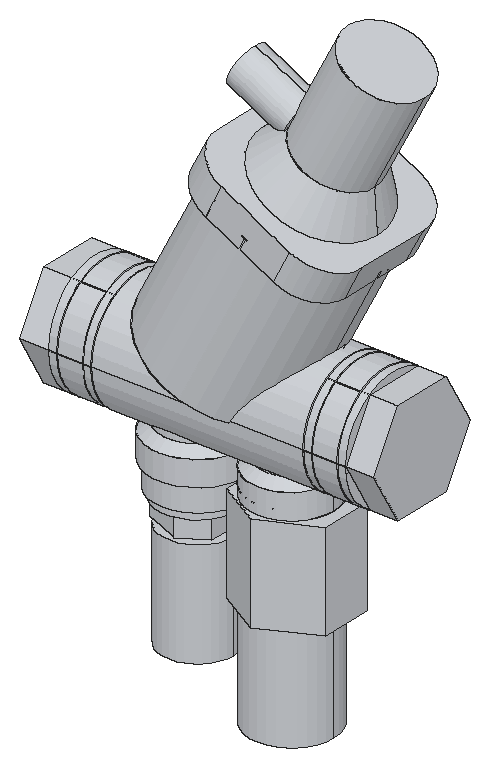
Revit family "PV_Compact_DN025_ 5-30_FF_měř-vyp_RFA_2019", category Pipe Accessories, Revit 2019
Family settings
  Round Connector Dimension = Use Diameter
  Part Type = Valve - Breaks Into
  Work Plane-Based = No
  Always vertical = Yes
  Cut with Voids When Loaded = No
  Shared = No
Parameters (values of type "PV Compact DN25 FF s měřením a vypouštěním ( 5-30kPa)")
  magiProductId = "40b783a088714ff8af367f7ba18a04"
  magiProductFamilyId = "88c57951ecb64b5d83dd1d4eb8fc72"
  magiPartTypeId = 304
  isMeasuringValve [instance] = no
  ang2D [instance] = 0.00°
  Z7 = 15 mm
  Z6 = 25.5 mm
  Z5 = 59.5 mm
  Z4 = 51 mm
  Z3 = 8.5 mm
  Z2 = 42.5 mm
  XR3 = 30 mm
  XR2 = 25 mm
  XR1 = 13 mm
  W2D = 15 mm
  VersionID = "2.0/2018.12.13.2/FRESE_PV_COMPACT_PLUG_Q13_001"
  Use Minimum Symbol Size [instance] = no
  URL = "www.hydronic.cz"
  Type Comments = "závitový s vnitřním závitem; s měřicí vsuvkou a vypouštěním; PN25; dpmax=450kPa; -10~+120°C"
  R5 = 5 mm
  R4 = 15 mm
  R3 = 10 mm
  R2 = 14 mm
  R1 = 19 mm
  QmdConnectorList = "301;D;302;D"
  Productdata [instance] = ""
  PH__ve = -PH  # -22.8 mm
  PH = 22.8 mm
  NL__ve = -NL  # -16.6 mm
  NL = 16.6 mm
  Manufacturer = "Hydronic Systems Prague s.r.o."
  MC Use Limits From Balancing Method = no
  MC Throttling Minimum Value = 0
  MC Throttling Maximum Value = 0
  MC Product Code = "53-3251 DN25; FF; nastavitelný rozsah dp=5~30kPa; Q=600~2100l/h;  kvs=4,0"
  MC Pressure Drop Minimum Value = 0.0 Pa
  MC Pressure Drop Maximum Value = 0.0 Pa
  MC Piping Given Pressure Drop [instance] = 0.0 Pa
  M5 = 34.9 mm
  M4 = 32.9 mm
  M3 = 26.9 mm
  M2 = 24.9 mm
  LP = 41.5 mm
  LM = 49.8 mm
  LL__ve = -LL  # -5.9 mm
  LLT__ve = -LLT  # -16.3 mm
  LLT = 16.3 mm
  LL2 = 34 mm
  LL = 5.9 mm
  L3 = 11 mm
  L2D_Min = 30.48 mm
  L2D = 65 mm
  Description = "Nastavitelný regulátor tlakové diference"
  DR1 = yes
  DR0 = no
  DL2 = 68 mm
  D = 25 mm
  CenSd_R2_6 = R2 * cos(30.00°)  # 12.124 mm
  CAT0 = yes
  C0D1 = yes
  C0D0 = no
Types (10, lengths in mm): name | magiProductId | Z6 | Z5 | Z4 | Z3 | Z2 | XR3 | XR2 | XR1 | R2 | R1 | PH__ve | PH | NL__ve | NL | MC Product Code | M5 | M4 | M3 | M2 | LP | LM | LL__ve | LLT__ve | LLT | LL2 | LL | L3 | DL2 | D | CenSd_R2_6
  PV Compact DN15 FF s měřením a vypouštěním (20-60kPa) | "ebd4dd38c61a47e78db1b31e427098" | 24.6 | 57.4 | 49.2 | 8.2 | 41 | 30 | 25 | 13 | 14 | 19 | -22.4 | 22.4 | -15 | 15 | "53-3243 DN15; FF; nastavitelný rozsah dp=20~60kPa; Q=100~1000l/h;  kvs=2,9" | 32.5 | 30.5 | 24.5 | 22.5 | 37.5 | 45 | -5.7 | -14.9 | 14.9 | 32 | 5.7 | 11 | 66 | 15 | 12.124
  PV Compact DN15 FF s měřením a vypouštěním ( 5-30kPa) | "1e13aaf8f1b54965adca1ab26bd771" | 24.6 | 57.4 | 49.2 | 8.2 | 41 | 30 | 25 | 13 | 14 | 19 | -22.4 | 22.4 | -15 | 15 | "53-3242 DN15; FF; nastavitelný rozsah dp=5~30kPa; Q=50~600l/h;  kvs=2,9" | 32.5 | 30.5 | 24.5 | 22.5 | 37.5 | 45 | -5.7 | -14.9 | 14.9 | 32 | 5.7 | 11 | 66 | 15 | 12.124
  PV Compact DN20 FF s měřením a vypouštěním (20-60kPa) | "6d4e29c475624129ae1d8630218e83" | 24.6 | 57.4 | 49.2 | 8.2 | 41 | 30 | 25 | 13 | 14 | 19 | -22.4 | 22.4 | -15.8 | 15.8 | "53-3245 DN20; FF; nastavitelný rozsah dp=20~60kPa; Q=150~2000l/h;  kvs=3,5" | 33.7 | 31.7 | 25.7 | 23.7 | 39.5 | 47.4 | -5.7 | -14.9 | 14.9 | 32 | 5.7 | 11 | 66 | 20 | 12.124
  PV Compact DN20 FF s měřením a vypouštěním ( 5-30kPa) | "3c7d936801344d2a9486b3d5f20c15" | 24.6 | 57.4 | 49.2 | 8.2 | 41 | 30 | 25 | 13 | 14 | 19 | -22.4 | 22.4 | -15.8 | 15.8 | "53-3244 DN20; FF; nastavitelný rozsah dp=5~30kPa; Q=100~1000l/h;  kvs=3,5" | 33.7 | 31.7 | 25.7 | 23.7 | 39.5 | 47.4 | -5.7 | -14.9 | 14.9 | 32 | 5.7 | 11 | 66 | 20 | 12.124
  PV Compact DN25 FF s měřením a vypouštěním ( 5-30kPa) | "40b783a088714ff8af367f7ba18a04" | 25.5 | 59.5 | 51 | 8.5 | 42.5 | 30 | 25 | 13 | 14 | 19 | -22.8 | 22.8 | -16.6 | 16.6 | "53-3251 DN25; FF; nastavitelný rozsah dp=5~30kPa; Q=600~2100l/h;  kvs=4,0" | 34.9 | 32.9 | 26.9 | 24.9 | 41.5 | 49.8 | -5.9 | -16.3 | 16.3 | 34 | 5.9 | 11 | 68 | 25 | 12.124
  PV Compact DN25L FF s měřením a vypouštěním (20-80kPa) | "7052257d0cc94620b8f60c4ac85ccd" | 40.2 | 93.8 | 80.4 | 13.4 | 67 | 42.5 | 37.5 | 25.5 | 26.5 | 31.5 | -23.6 | 23.6 | -20 | 20 | "53-3247 DN25; FF; nastavitelný rozsah dp=20~80kPa; Q=750~4200l/h;  kvs=8,7" | 40 | 38 | 32 | 30 | 50 | 60 | -6.3 | -19.1 | 19.1 | 38 | 6.3 | 11 | 72 | 25 | 22.95
  PV Compact DN25L FF s měřením a vypouštěním ( 5-30kPa) | "006ff7ff77e34fd39e52f3f4c37192" | 40.2 | 93.8 | 80.4 | 13.4 | 67 | 42.5 | 37.5 | 25.5 | 26.5 | 31.5 | -23.6 | 23.6 | -20 | 20 | "53-3246 DN25L; FF; nastavitelný rozsah dp=5~30kPa; Q=600~2500l/h;  kvs=8,7" | 40 | 38 | 32 | 30 | 50 | 60 | -6.3 | -19.1 | 19.1 | 38 | 6.3 | 11 | 72 | 25 | 22.95
  PV Compact DN32 FF s měřením a vypouštěním (20-80kPa) | "e53839f5e58040c69ad69dcf8b7122" | 40.2 | 93.8 | 80.4 | 13.4 | 67 | 42.5 | 37.5 | 25.5 | 26.5 | 31.5 | -24.6 | 24.6 | -20.8 | 20.8 | "53-3248 DN32; FF; nastavitelný rozsah dp=20~80kPa; Q=1000~5000l/h;  kvs=10,1" | 41.2 | 39.2 | 33.2 | 31.2 | 52 | 62.4 | -6.8 | -22.6 | 22.6 | 43 | 6.8 | 25 | 77 | 32 | 22.95
  PV Compact DN40 FF s měřením a vypouštěním (20-80kPa) | "edae53f0ee9843aa9c005a0dbc2db4" | 46.8 | 109.2 | 93.6 | 15.6 | 78 | 42.5 | 37.5 | 25.5 | 26.5 | 31.5 | -25.2 | 25.2 | -27.6 | 27.6 | "53-3249 DN40; FF; nastavitelný rozsah dp=20~80kPa; Q=3000~8000l/h;  kvs=15,8" | 51.4 | 49.4 | 43.4 | 41.4 | 69 | 82.8 | -7.1 | -24.7 | 24.7 | 46 | 7.1 | 25 | 80 | 40 | 22.95
  PV Compact DN50 FF s měřením a vypouštěním (20-80kPa) | "7572286e99104aaeaae4a504f9a6dd" | 46.8 | 109.2 | 93.6 | 15.6 | 78 | 42.5 | 37.5 | 25.5 | 35.25 | 31.5 | -26.4 | 26.4 | -27.6 | 27.6 | "53-3250 DN50; FF; nastavitelný rozsah dp=20~80kPa; Q=5000~11500l/h;  kvs=16,2" | 51.4 | 49.4 | 43.4 | 41.4 | 69 | 82.8 | -7.7 | -28.9 | 28.9 | 52 | 7.7 | 25 | 86 | 50 | 30.527
Reference planes
  plane 1 "Center (Front/Back)": y = 0
  plane 2 "XYPLANE": z = 0
  plane 3 "Center (Left/Right)": x = 0
  plane 4 "408": x = 41.5
  plane 5 "407": x = -41.5
  plane 6 "402": z = -68
  plane 7 "213": x = 11
  plane 8 "168": z = -12.3
  plane 9 "167": z = -14.3
  plane 10 "166": z = -20.2
  plane 11 "165": z = -26.1
  plane 12 "164": z = -28.1
  plane 13 "154": z = 0
  plane 14 "152": y = 0
  plane 15 "151": z = -34
  plane 16 "150": x = -11
  plane 17 "75": through (318.218, 0, 679.605) normal (0.891, 0, -0.454)
  plane 18 "74": x = 34.9
  plane 19 "73": x = 32.9
  plane 20 "72": x = 26.9
  plane 21 "71": x = 24.9
  plane 22 "70": x = -34.9
  plane 23 "69": x = -32.9
  plane 24 "68": x = -26.9
  plane 25 "67": y = 0
  plane 26 "66": through (-666.893, 0, 343.166) normal (0.454, 0, 0.891)
  plane 27 "65": x = -24.9
  plane 28 "64": through (335.147, 0, 670.979) normal (0.891, 0, -0.454)
  plane 29 "63": through (-648.96, 0, 378.361) normal (0.454, 0, 0.891)
  plane 30 "62": through (352.076, 0, 662.353) normal (0.891, 0, -0.454)
  plane 31 "61": y = 19
  plane 32 "60": y = -19
  plane 33 "59": through (-645.101, 0, 385.934) normal (0.454, 0, 0.891)
  plane 34 "58": through (-641.242, 0, 393.508) normal (0.454, 0, 0.891)
  plane 35 "57": through (313.763, 0, 681.875) normal (0.891, 0, -0.454)
  plane 36 "56": x = 0
  plane 37 "55": through (-668.255, 0, 340.493) normal (0.454, 0, 0.891)
  plane 38 "102XY": through (-668.255, 0, 340.493) normal (0.454, 0, 0.891)
  plane 39 "102XZ": y = 0
  plane 40 "102YZ": through (340.493, 0, 668.255) normal (0.891, 0, -0.454)
Forms (mm)
  Extrusion 1, solid
    sketch origin (41.5, -750, 0) x (0, 1, 0) y (0, 0, 1)
      loop
        line (764, 0) -> (757, 12.124) -> (743, 12.124) -> (736, 0) -> (743, -12.124) -> (757, -12.124) -> (764, 0)
    from 0 to -16.6 <- "NL__ve"
  Extrusion 2, solid
    sketch origin (-41.5, -750, 0) x (0, 1, 0) y (0, 0, 1)
      loop
        line (736, 0) -> (743, -12.124) -> (757, -12.124) -> (764, 0) -> (757, 12.124) -> (743, 12.124) -> (736, 0)
    from 0 to 16.6 <- "NL"
  Extrusion 3, solid, visible <- "C0D1"
    sketch origin (-750, 0, -68) x (1, 0, 0) y (0, 1, 0)
      loop
        circle (761, 0) r 10
    from 0 to 50
  Extrusion 4, solid, visible <- "DR1"
    sketch origin (-750, 0, -20.2) x (1, 0, 0) y (0, 1, 0)
      loop
        line (761, -12) -> (773.792, -6) -> (773.792, 6) -> (761, 12) -> (750.608, 6) -> (750.608, -6) -> (761, -12)
    from 0 to -22.8 <- "PH__ve"
  Extrusion 5, solid, visible <- "DR1"
    sketch origin (-750, 0, -20.2) x (1, 0, 0) y (0, 1, 0)
      loop
        circle (761, 0) r 10
    from 0 to 5.9 <- "LL"
  Blend 6, solid, visible <- "DR1"
    base sketch origin (-750, 0, -12.3) x (1, 0, 0) y (0, 1, 0)
      loop
        circle (761, 0) r 7.5
    top sketch origin (-750, 0, -12.3) x (1, 0, 0) y (0, 1, 0)
      loop
        circle (761, 0) r 10
    from 0 to -2
  Extrusion 7, solid, visible <- "DR1"
    sketch origin (-750, 0, 0) x (1, 0, 0) y (0, 1, 0)
      loop
        circle (761, 0) r 7.5
    from 0 to -16.3 <- "LLT__ve"
  Extrusion 8, solid, visible <- "C0D0"
    sketch origin (-750, 0, -34) x (1, 0, 0) y (0, 1, 0)
      loop
        circle (761, 0) r 6
    from 0 to -25
  Extrusion 9, solid, visible <- "DR0"
    sketch origin (-750, 0, -28.1) x (1, 0, 0) y (0, 1, 0)
      loop
        line (761, -7) -> (769.462, -3.5) -> (769.462, 3.5) -> (761, 7) -> (754.938, 3.5) -> (754.938, -3.5) -> (761, -7)
    from 0 to -5.9 <- "LL__ve"
  Extrusion 10, solid, visible <- "DR0"
    sketch origin (-750, 0, -28.1) x (1, 0, 0) y (0, 1, 0)
      loop
        circle (761, 0) r 7
    from 0 to 2
  Extrusion 11, solid, visible <- "DR0"
    sketch origin (-750, 0, -20.2) x (1, 0, 0) y (0, 1, 0)
      loop
        circle (761, 0) r 9
    from 0 to 5.9 <- "LL"
  Blend 12, solid, visible <- "DR0"
    base sketch origin (-750, 0, -12.3) x (1, 0, 0) y (0, 1, 0)
      loop
        circle (761, 0) r 6.5
    top sketch origin (-750, 0, -12.3) x (1, 0, 0) y (0, 1, 0)
      loop
        circle (761, 0) r 9
    from 0 to -2
  Extrusion 13, solid, visible <- "DR0"
    sketch origin (-750, 0, 0) x (1, 0, 0) y (0, 1, 0)
      loop
        circle (761, 0) r 6.5
    from 0 to -16.3 <- "LLT__ve"
  Extrusion 14, solid, visible <- "DR0"
    sketch origin (-750, 0, 0) x (1, 0, 0) y (0, 1, 0)
      loop
        circle (761, 0) r 6.5
    from 0 to -16.3 <- "LLT__ve"
  Blend 15, solid, visible <- "DR0"
    base sketch origin (-750, 0, -12.3) x (1, 0, 0) y (0, 1, 0)
      loop
        circle (761, 0) r 6.5
    top sketch origin (-750, 0, -12.3) x (1, 0, 0) y (0, 1, 0)
      loop
        circle (761, 0) r 9
    from 0 to -2
  Extrusion 16, solid, visible <- "DR0"
    sketch origin (-750, 0, -20.2) x (1, 0, 0) y (0, 1, 0)
      loop
        circle (761, 0) r 9
    from 0 to 5.9 <- "LL"
  Extrusion 17, solid, visible <- "DR0"
    sketch origin (-750, 0, -26.1) x (1, 0, 0) y (0, 1, 0)
      loop
        circle (761, 0) r 8
    from 0 to 5.9 <- "LL"
  Extrusion 18, solid, visible <- "DR0"
    sketch origin (-750, 0, -28.1) x (1, 0, 0) y (0, 1, 0)
      loop
        circle (761, 0) r 7
    from 0 to 2
  Extrusion 19, solid, visible <- "DR0"
    sketch origin (-750, 0, -28.1) x (1, 0, 0) y (0, 1, 0)
      loop
        line (761, -7) -> (769.462, -3.5) -> (769.462, 3.5) -> (761, 7) -> (754.938, 3.5) -> (754.938, -3.5) -> (761, -7)
    from 0 to -5.9 <- "LL__ve"
  Extrusion 20, solid, visible <- "C0D0"
    sketch origin (-750, 0, -34) x (1, 0, 0) y (0, 1, 0)
      loop
        circle (761, 0) r 6
    from 0 to -25
  Extrusion 21, solid, visible <- "CAT0"
    sketch origin (-750, 0, -34) x (1, 0, 0) y (0, 1, 0)
      loop
        circle (739, 0) r 8.4
    from 0 to -25
  Extrusion 22, solid
    sketch origin (-750, 0, -28.1) x (1, 0, 0) y (0, 1, 0)
      loop
        line (739, -7) -> (745.062, -3.5) -> (745.062, 3.5) -> (739, 7) -> (730.538, 3.5) -> (730.538, -3.5) -> (739, -7)
    from 0 to -5.9 <- "LL__ve"
  Extrusion 23, solid
    sketch origin (-750, 0, -28.1) x (1, 0, 0) y (0, 1, 0)
      loop
        circle (739, 0) r 9.4
    from 0 to 2
  Extrusion 24, solid
    sketch origin (-750, 0, -26.1) x (1, 0, 0) y (0, 1, 0)
      loop
        circle (739, 0) r 10.4
    from 0 to 5.9 <- "LL"
  Extrusion 25, solid
    sketch origin (-750, 0, -20.2) x (1, 0, 0) y (0, 1, 0)
      loop
        circle (739, 0) r 11.4
    from 0 to 5.9 <- "LL"
  Blend 26, solid
    base sketch origin (-750, 0, -12.3) x (1, 0, 0) y (0, 1, 0)
      loop
        circle (739, 0) r 8.9
    top sketch origin (-750, 0, -12.3) x (1, 0, 0) y (0, 1, 0)
      loop
        circle (739, 0) r 11.4
    from 0 to -2
  Extrusion 27, solid
    sketch origin (-750, 0, 0) x (1, 0, 0) y (0, 1, 0)
      loop
        circle (739, 0) r 8.9
    from 0 to -16.3 <- "LLT__ve"
  Blend 28, solid, visible <- "CAT0"
    base sketch origin (32.9, -750, 0) x (0, 1, 0) y (0, 0, 1)
      loop
        circle (750, 0) r 14
    top sketch origin (32.9, -750, 0) x (0, 1, 0) y (0, 0, 1)
      loop
        circle (750, 0) r 14
    from 0 to 2
  Extrusion 29, solid, visible <- "CAT0"
    sketch origin (26.9, -750, 0) x (0, 1, 0) y (0, 0, 1)
      loop
        circle (750, 0) r 14
    from 0 to 6
  Blend 30, solid, visible <- "CAT0"
    base sketch origin (24.9, -750, 0) x (0, 1, 0) y (0, 0, 1)
      loop
        circle (750, 0) r 14
    top sketch origin (24.9, -750, 0) x (0, 1, 0) y (0, 0, 1)
      loop
        circle (750, 0) r 14
    from 0 to 2
  Blend 31, solid, visible <- "CAT0"
    base sketch origin (-32.9, -750, 0) x (0, 1, 0) y (0, 0, 1)
      loop
        circle (750, 0) r 14
    top sketch origin (-32.9, -750, 0) x (0, 1, 0) y (0, 0, 1)
      loop
        circle (750, 0) r 14
    from 0 to -2
  Extrusion 32, solid, visible <- "CAT0"
    sketch origin (-32.9, -750, 0) x (0, 1, 0) y (0, 0, 1)
      loop
        circle (750, 0) r 14
    from 0 to 6
  Blend 33, solid, visible <- "CAT0"
    base sketch origin (-26.9, -750, 0) x (0, 1, 0) y (0, 0, 1)
      loop
        circle (750, 0) r 14
    top sketch origin (-26.9, -750, 0) x (0, 1, 0) y (0, 0, 1)
      loop
        circle (750, 0) r 14
    from 0 to 2
  Extrusion 34, solid, visible <- "CAT0"
    sketch origin (-24.9, -750, 0) x (0, 1, 0) y (0, 0, 1)
      loop
        circle (750, 0) r 14
    from 0 to 49.8 <- "LM"
  Extrusion 35, solid, visible <- "CAT0"
    sketch origin (-666.893, 0, 343.166) x (0.891007, 0, -0.45399) y (0, 1, 0)
      loop
        circle (744, 0) r 19
    from 0 to 42.5 <- "Z2"
  Extrusion 36, solid, visible <- "CAT0"
    sketch origin (-648.96, 0, 378.361) x (0.891007, 0, -0.45399) y (0, 1, 0)
      loop
        arc (735, 19) -> (727.929, 16.071) -> (725, 9) r 10
        line (725, 9) -> (725, -9)
        arc (725, -9) -> (727.929, -16.071) -> (735, -19) r 10
        line (735, -19) -> (753, -19)
        arc (753, -19) -> (760.071, -16.071) -> (763, -9) r 10
        line (763, -9) -> (763, 9)
        arc (763, 9) -> (760.071, 16.071) -> (753, 19) r 10
        line (753, 19) -> (735, 19)
    from 0 to 8.5 <- "Z3"
  Blend 37, solid, visible <- "CAT0"
    base sketch origin (-645.101, 0, 385.934) x (0.891007, 0, -0.45399) y (0, 1, 0)
      loop
        circle (744, 0) r 15
    top sketch origin (-645.101, 0, 385.934) x (0.891007, 0, -0.45399) y (0, 1, 0)
      loop
        circle (744, 0) r 10
    from 0 to 8.5
  Extrusion 38, solid, visible <- "CAT0"
    sketch origin (-641.242, 0, 393.508) x (0.891007, 0, -0.45399) y (0, 1, 0)
      loop
        circle (744, 0) r 10
    from 0 to 25.5 <- "Z6"
  Extrusion 39, solid, visible <- "CAT0"
    sketch origin (313.763, 0, 681.875) x (-0.45399, 0, -0.891007) y (0, 1, 0)
      loop
        circle (690.5, 0) r 5
    from 0 to 15 <- "Z7"
  Blend 40, solid, visible <- "CAT0"
    base sketch origin (-668.255, 0, 340.493) x (0.891007, 0, -0.45399) y (0, 1, 0)
      loop
        circle (744, 0) r 15
    top sketch origin (-668.255, 0, 340.493) x (0.891007, 0, -0.45399) y (0, 1, 0)
      loop
        circle (744, 0) r 19
    from 0 to 3
  Extrusion 41, solid, not visible
    sketch origin (-34.9, -750, 0) x (0, 1, 0) y (0, 0, 1)
      loop
        circle (750, 0) r 10
    from 0 to 10
  Extrusion 42, solid, not visible
    sketch origin (34.9, -750, 0) x (0, 1, 0) y (0, 0, 1)
      loop
        circle (750, 0) r 10
    from 0 to -10
Lines and regions (mm)
  reference lines, not visible
    curve 1: circle (2, 2, 0) r 1 normal (0, 0, 1)
  reference lines
    curve 2: line (41.5, 0, 0) -> (41.5, -3.5, 6.062)
    curve 3: line (41.5, 0, 0) -> (41.5, -7, 0)
    curve 4: line (41.5, 0, 0) -> (41.5, -3.5, -6.062)
    curve 5: line (-41.5, 0, 0) -> (-41.5, 3.5, 6.062)
    curve 6: line (-41.5, 0, 0) -> (-41.5, 7, 0)
    curve 7: line (-41.5, 0, 0) -> (-41.5, 3.5, -6.062)
Dimensions and locks
  plane 1 "Center (Front/Back)" to curve 1 = 2 mm
  "LP": plane 36 "56" to plane 4 "408"
  "LP": plane 36 "56" to plane 5 "407"
  "DL2": plane 2 "XYPLANE" to plane 6 "402"
  "L3": plane 3 "Center (Left/Right)" to plane 7 "213"
  locked: plane 9 "167" to plane 8 "168" at 2
  "LL": plane 10 "166" to plane 9 "167"
  "LL": plane 11 "165" to plane 10 "166"
  locked: plane 12 "164" to plane 11 "165" at 2
  "LL": plane 15 "151" to plane 12 "164"
  locked: plane 2 "XYPLANE" to plane 13 "154"
  locked: plane 1 "Center (Front/Back)" to plane 14 "152"
  "LL2": plane 2 "XYPLANE" to plane 15 "151"
  "L3": plane 3 "Center (Left/Right)" to plane 16 "150"
  "XR2": plane 40 "102YZ" to plane 17 "75"
  "M5": plane 3 "Center (Left/Right)" to plane 18 "74"
  "M4": plane 3 "Center (Left/Right)" to plane 19 "73"
  "M3": plane 3 "Center (Left/Right)" to plane 20 "72"
  "M2": plane 3 "Center (Left/Right)" to plane 21 "71"
  "M5": plane 3 "Center (Left/Right)" to plane 22 "70"
  "M4": plane 3 "Center (Left/Right)" to plane 23 "69"
  "M3": plane 3 "Center (Left/Right)" to plane 24 "68"
  locked: plane 14 "152" to plane 25 "67"
  locked: plane 38 "102XY" to plane 26 "66" at 3
  "M2": plane 3 "Center (Left/Right)" to plane 27 "65"
  locked: plane 40 "102YZ" to plane 28 "64" at 6
  "Z2": plane 38 "102XY" to plane 29 "63"
  "XR1": plane 40 "102YZ" to plane 30 "62"
  "R1": plane 14 "152" to plane 31 "61"
  "R1": plane 14 "152" to plane 32 "60"
  "Z4": plane 38 "102XY" to plane 33 "59"
  "Z5": plane 38 "102XY" to plane 34 "58"
  "XR3": plane 40 "102YZ" to plane 35 "57"
  locked: plane 3 "Center (Left/Right)" to plane 36 "56"
  locked: plane 38 "102XY" to plane 37 "55"
  "CenSd_R2_6": curve 2 to Extrusion 1 sketch curve  (x2)
  "CenSd_R2_6": curve 3 to Extrusion 1 sketch curve  (x2)
  "CenSd_R2_6": curve 4 to Extrusion 1 sketch curve  (x2)
  Extrusion 1 sketch curve to Extrusion 1 sketch curve = 0 mm  (x12)
  "CenSd_R2_6": curve 5 to Extrusion 2 sketch curve  (x2)
  "CenSd_R2_6": curve 6 to Extrusion 2 sketch curve  (x2)
  "CenSd_R2_6": curve 7 to Extrusion 2 sketch curve  (x2)
  Extrusion 2 sketch curve to Extrusion 2 sketch curve = 0 mm  (x12)
  Extrusion 4 sketch curve to Extrusion 4 sketch curve = 0 mm  (x12)
  Extrusion 9 sketch curve to Extrusion 9 sketch curve = 0 mm  (x12)
  Extrusion 19 sketch curve to Extrusion 19 sketch curve = 0 mm  (x12)
  Extrusion 22 sketch curve to Extrusion 22 sketch curve = 0 mm  (x12)
  Extrusion 36 sketch curve to Extrusion 36 sketch curve = 0 mm  (x16)
  "R2": radius of Blend 28 sketch curve  (x2)
  "R2": radius of Extrusion 29 sketch curve
  "R2": radius of Blend 30 sketch curve  (x2)
  "R2": radius of Blend 31 sketch curve  (x2)
  "R2": radius of Extrusion 32 sketch curve
  "R2": radius of Blend 33 sketch curve  (x2)
  "R2": radius of Extrusion 34 sketch curve
  "R1": radius of Extrusion 35 sketch curve
  radius of Extrusion 36 sketch curve = 10 mm  (x4)
  "R3": radius of Blend 37 sketch curve
  "R4": radius of Blend 37 sketch curve
  "R3": radius of Extrusion 38 sketch curve
  "R5": radius of Extrusion 39 sketch curve
  "R1": radius of Blend 40 sketch curve
  locked: curve 3 to curve 2 (angle 60.00°)
  locked: curve 4 to curve 3 (angle 60.00°)
  locked: curve 4 to curve 2 (angle 120.00°)
  locked: curve 6 to curve 5 (angle 60.00°)
  locked: curve 7 to curve 6 (angle 60.00°)
  locked: curve 7 to curve 5 (angle 120.00°)
  aligned and locked: level to plane 2 "XYPLANE"
  aligned and locked: plane 13 "154" to curve 4
  aligned and locked: curve 4 to plane 14 "152"
  aligned and locked: plane 13 "154" to curve 7
  aligned and locked: curve 7 to plane 14 "152"
  aligned and locked: plane 7 "213" to Extrusion 3 sketch curve
  aligned and locked: plane 14 "152" to Extrusion 3 sketch curve
  aligned and locked: plane 7 "213" to Extrusion 5 sketch curve
  aligned and locked: plane 14 "152" to Extrusion 5 sketch curve
  aligned and locked: plane 7 "213" to Blend 6 sketch curve  (x2)
  aligned and locked: plane 14 "152" to Blend 6 sketch curve  (x2)
  aligned and locked: Blend 6 to plane 9 "167"
  aligned and locked: plane 7 "213" to Extrusion 7 sketch curve
  aligned and locked: plane 14 "152" to Extrusion 7 sketch curve
  aligned and locked: plane 7 "213" to Extrusion 8 sketch curve
  aligned and locked: plane 14 "152" to Extrusion 8 sketch curve
  aligned and locked: plane 7 "213" to Extrusion 10 sketch curve
  aligned and locked: plane 14 "152" to Extrusion 10 sketch curve
  aligned and locked: plane 7 "213" to Extrusion 11 sketch curve
  aligned and locked: plane 14 "152" to Extrusion 11 sketch curve
  aligned and locked: plane 7 "213" to Blend 12 sketch curve  (x2)
  aligned and locked: plane 14 "152" to Blend 12 sketch curve  (x2)
  aligned and locked: Blend 12 to plane 9 "167"
  aligned and locked: plane 7 "213" to Extrusion 13 sketch curve
  aligned and locked: plane 14 "152" to Extrusion 13 sketch curve
  aligned and locked: plane 7 "213" to Extrusion 14 sketch curve
  aligned and locked: plane 14 "152" to Extrusion 14 sketch curve
  aligned and locked: plane 7 "213" to Blend 15 sketch curve  (x2)
  aligned and locked: plane 14 "152" to Blend 15 sketch curve  (x2)
  aligned and locked: Blend 15 to plane 9 "167"
  aligned and locked: plane 7 "213" to Extrusion 16 sketch curve
  aligned and locked: plane 14 "152" to Extrusion 16 sketch curve
  aligned and locked: plane 7 "213" to Extrusion 17 sketch curve
  aligned and locked: plane 14 "152" to Extrusion 17 sketch curve
  aligned and locked: plane 7 "213" to Extrusion 18 sketch curve
  aligned and locked: plane 14 "152" to Extrusion 18 sketch curve
  aligned and locked: plane 7 "213" to Extrusion 20 sketch curve
  aligned and locked: plane 14 "152" to Extrusion 20 sketch curve
  aligned and locked: plane 14 "152" to Extrusion 21 sketch curve
  aligned and locked: plane 16 "150" to Extrusion 21 sketch curve
  aligned and locked: plane 14 "152" to Extrusion 23 sketch curve
  aligned and locked: plane 16 "150" to Extrusion 23 sketch curve
  aligned and locked: plane 14 "152" to Extrusion 24 sketch curve
  aligned and locked: plane 16 "150" to Extrusion 24 sketch curve
  aligned and locked: plane 14 "152" to Extrusion 25 sketch curve
  aligned and locked: plane 16 "150" to Extrusion 25 sketch curve
  aligned and locked: plane 14 "152" to Blend 26 sketch curve  (x2)
  aligned and locked: plane 16 "150" to Blend 26 sketch curve  (x2)
  aligned and locked: Blend 26 to plane 9 "167"
  aligned and locked: plane 14 "152" to Extrusion 27 sketch curve
  aligned and locked: plane 16 "150" to Extrusion 27 sketch curve
  aligned and locked: plane 13 "154" to Blend 28 sketch curve  (x2)
  aligned and locked: Blend 28 sketch curve to plane 14 "152"  (x2)
  aligned and locked: plane 18 "74" to Blend 28
  aligned and locked: plane 13 "154" to Extrusion 29 sketch curve
  aligned and locked: Extrusion 29 sketch curve to plane 14 "152"
  aligned and locked: plane 13 "154" to Blend 30 sketch curve  (x2)
  aligned and locked: Blend 30 sketch curve to plane 14 "152"  (x2)
  aligned and locked: plane 20 "72" to Blend 30
  aligned and locked: plane 13 "154" to Blend 31 sketch curve  (x2)
  aligned and locked: Blend 31 sketch curve to plane 14 "152"  (x2)
  aligned and locked: Blend 31 to plane 22 "70"
  aligned and locked: plane 13 "154" to Extrusion 32 sketch curve
  aligned and locked: Extrusion 32 sketch curve to plane 14 "152"
  aligned and locked: plane 13 "154" to Blend 33 sketch curve  (x2)
  aligned and locked: Blend 33 sketch curve to plane 14 "152"  (x2)
  aligned and locked: plane 27 "65" to Blend 33
  aligned and locked: plane 13 "154" to Extrusion 34 sketch curve
  aligned and locked: Extrusion 34 sketch curve to plane 14 "152"
  aligned and locked: plane 25 "67" to Extrusion 35 sketch curve
  aligned and locked: Extrusion 35 sketch curve to plane 28 "64"
  aligned and locked: Extrusion 36 sketch curve to plane 17 "75"
  aligned and locked: Extrusion 36 sketch curve to plane 32 "60"
  aligned and locked: Extrusion 36 sketch curve to plane 30 "62"
  aligned and locked: plane 31 "61" to Extrusion 36 sketch curve
  aligned and locked: plane 25 "67" to Blend 37 sketch curve  (x2)
  aligned and locked: Blend 37 sketch curve to plane 28 "64"  (x2)
  aligned and locked: plane 34 "58" to Blend 37
  aligned and locked: plane 25 "67" to Extrusion 38 sketch curve
  aligned and locked: Extrusion 38 sketch curve to plane 28 "64"
  aligned and locked: plane 25 "67" to Extrusion 39 sketch curve
  aligned and locked: plane 34 "58" to Extrusion 39 sketch curve
  aligned and locked: plane 25 "67" to Blend 40 sketch curve  (x2)
  aligned and locked: Blend 40 sketch curve to plane 28 "64"  (x2)
  aligned and locked: plane 26 "66" to Blend 40
  aligned and locked: plane 13 "154" to Extrusion 41 sketch curve
  aligned and locked: Extrusion 41 sketch curve to plane 14 "152"
  aligned and locked: plane 13 "154" to Extrusion 42 sketch curve
  aligned and locked: Extrusion 42 sketch curve to plane 14 "152"
Automatic sketch dimensions
  plane 3 "Center (Left/Right)" to Extrusion 3 sketch curve = 1 mm
  Extrusion 4 sketch curve to plane 7 "213" = 0 mm  (x2)
  plane 3 "Center (Left/Right)" to Extrusion 4 sketch curve = 0.608 mm
  Extrusion 4 sketch curve to plane 21 "71" = 1.108 mm
  plane 32 "60" to Extrusion 4 sketch curve = 7 mm
  plane 1 "Center (Front/Back)" to Extrusion 4 sketch curve = 6 mm  (x2)
  Extrusion 4 sketch curve to plane 1 "Center (Front/Back)" = 6 mm  (x2)
  Extrusion 4 sketch curve to plane 31 "61" = 7 mm
  plane 3 "Center (Left/Right)" to Extrusion 5 sketch curve = 1 mm
  plane 3 "Center (Left/Right)" to Blend 6 sketch curve = 3.5 mm
  plane 3 "Center (Left/Right)" to Blend 6 sketch curve = 1 mm
  plane 3 "Center (Left/Right)" to Extrusion 7 sketch curve = 3.5 mm
  plane 3 "Center (Left/Right)" to Extrusion 8 sketch curve = 5 mm
  Extrusion 9 sketch curve to plane 7 "213" = 0 mm  (x2)
  plane 3 "Center (Left/Right)" to Extrusion 9 sketch curve = 4.938 mm
  Extrusion 9 sketch curve to plane 21 "71" = 5.438 mm
  plane 1 "Center (Front/Back)" to Extrusion 9 sketch curve = 7 mm
  plane 1 "Center (Front/Back)" to Extrusion 9 sketch curve = 3.5 mm  (x2)
  Extrusion 9 sketch curve to plane 1 "Center (Front/Back)" = 3.5 mm  (x2)
  Extrusion 9 sketch curve to Extrusion 9 sketch curve = 3.5 mm
  plane 3 "Center (Left/Right)" to Extrusion 10 sketch curve = 4 mm
  plane 3 "Center (Left/Right)" to Extrusion 11 sketch curve = 2 mm
  plane 3 "Center (Left/Right)" to Blend 12 sketch curve = 4.5 mm
  plane 3 "Center (Left/Right)" to Blend 12 sketch curve = 2 mm
  plane 3 "Center (Left/Right)" to Extrusion 13 sketch curve = 4.5 mm
  plane 3 "Center (Left/Right)" to Extrusion 14 sketch curve = 4.5 mm
  plane 3 "Center (Left/Right)" to Blend 15 sketch curve = 4.5 mm
  plane 3 "Center (Left/Right)" to Blend 15 sketch curve = 2 mm
  plane 3 "Center (Left/Right)" to Extrusion 16 sketch curve = 2 mm
  plane 3 "Center (Left/Right)" to Extrusion 17 sketch curve = 3 mm
  plane 3 "Center (Left/Right)" to Extrusion 18 sketch curve = 4 mm
  Extrusion 19 sketch curve to plane 7 "213" = 0 mm  (x2)
  plane 3 "Center (Left/Right)" to Extrusion 19 sketch curve = 4.938 mm
  Extrusion 19 sketch curve to plane 21 "71" = 5.438 mm
  plane 1 "Center (Front/Back)" to Extrusion 19 sketch curve = 7 mm
  plane 1 "Center (Front/Back)" to Extrusion 19 sketch curve = 3.5 mm  (x2)
  Extrusion 19 sketch curve to plane 1 "Center (Front/Back)" = 3.5 mm  (x2)
  Extrusion 19 sketch curve to Extrusion 19 sketch curve = 3.5 mm
  plane 3 "Center (Left/Right)" to Extrusion 20 sketch curve = 5 mm
  plane 27 "65" to Extrusion 21 sketch curve = 5.5 mm
  Extrusion 22 sketch curve to plane 16 "150" = 0 mm  (x2)
  plane 27 "65" to Extrusion 22 sketch curve = 5.438 mm
  Extrusion 22 sketch curve to plane 3 "Center (Left/Right)" = 4.938 mm
  plane 1 "Center (Front/Back)" to Extrusion 22 sketch curve = 7 mm
  plane 1 "Center (Front/Back)" to Extrusion 22 sketch curve = 3.5 mm  (x2)
  Extrusion 22 sketch curve to plane 1 "Center (Front/Back)" = 3.5 mm  (x2)
  Extrusion 22 sketch curve to Extrusion 22 sketch curve = 3.5 mm
  plane 27 "65" to Extrusion 23 sketch curve = 4.5 mm
  plane 27 "65" to Extrusion 24 sketch curve = 3.5 mm
  plane 27 "65" to Extrusion 25 sketch curve = 2.5 mm
  plane 27 "65" to Blend 26 sketch curve = 5 mm
  plane 27 "65" to Blend 26 sketch curve = 2.5 mm
  plane 27 "65" to Extrusion 27 sketch curve = 5 mm
  plane 17 "75" to Blend 40 sketch curve = 4 mm
  plane 32 "60" to Extrusion 41 sketch curve = 9 mm
  plane 32 "60" to Extrusion 42 sketch curve = 9 mm
  plane 3 "Center (Left/Right)" to curve 1 = 2 mm
  radius of curve 1 = 1 mm
Connectors
  piping at (-34.9, 0, 0), diameter 25, driven by "D"
    settings: on Extrusion 41, index 1, connector inside diameter 609.6 mm, connector length 0 mm, flow factor 0, pipe flow 0.0 L/s, pressure drop 0.0 Pa, fitting loss kfactor 0, connector angle 0.00°, fixture units 0, engagement length 0 mm, angle of deflection 0.00°, flow configuration 0, flow direction 0, fitting loss method 0, system type 29, joint type 0, gender type 0, connector reference index 2, connector utility 0, adjustable connector no, is connector primary yes, connector description ""
  piping at (34.9, 0, 0), diameter 25, driven by "D"
    settings: on Extrusion 42, index 2, connector inside diameter 609.6 mm, connector length 0 mm, flow factor 0, pipe flow 0.0 L/s, pressure drop 0.0 Pa, fitting loss kfactor 0, connector angle 0.00°, fixture units 0, engagement length 0 mm, angle of deflection 0.00°, flow configuration 0, flow direction 0, fitting loss method 0, system type 29, joint type 0, gender type 0, connector reference index 1, connector utility 0, adjustable connector no, is connector primary no, connector description ""
